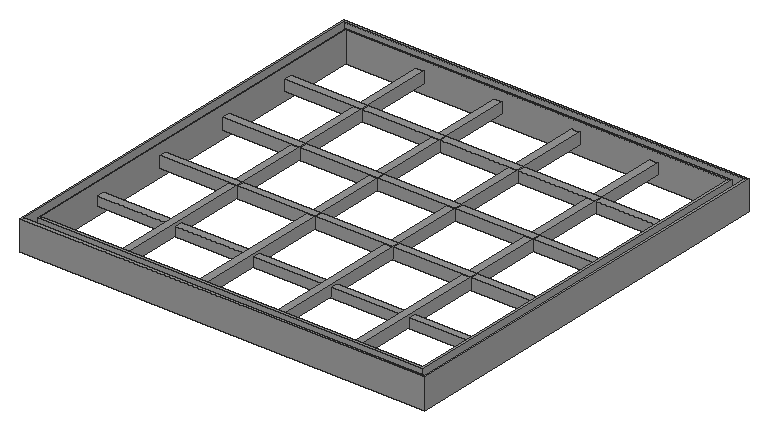
Revit family "CLD-WFD-007_WOODLITE_RFA", category Modelos genéricos, Revit 2022 (continued)
Forms (in)
  Extrusion 241, solid
    sketch origin (0, -21.5, 0) x (1, 0, 0) y (0, 1, 0)
      loop
        line (3.00014, 107.70001) -> (3.00014, 105.70001) -> (105.00014, 105.70001) -> (105.00014, 107.70001) -> (3.00014, 107.70001)
    from 2.5 to 5.5
  Extrusion 242, solid
    sketch origin (0, -47, 0) x (1, 0, 0) y (0, 1, 0)
      loop
        line (3.00014, 112.40001) -> (3.00014, 110.40001) -> (105.00014, 110.40001) -> (105.00014, 112.40001) -> (3.00014, 112.40001)
    from 2.5 to 5.5
  Extrusion 243, solid
    sketch origin (0, -51, 0) x (1, 0, 0) y (0, 1, 0)
      loop
        line (3.00014, 95.60001) -> (3.00014, 93.60003) -> (105.00014, 93.60003) -> (105.00014, 95.60001) -> (3.00014, 95.60001)
    from 2.5 to 5.5
  Extrusion 244, solid
    sketch origin (0, -76.5, 0) x (1, 0, 0) y (0, 1, 0)
      loop
        line (3.00014, 100.29999) -> (3.00014, 98.29999) -> (105.00014, 98.29999) -> (105.00014, 100.29999) -> (3.00014, 100.29999)
    from 2.5 to 5
  Extrusion 245, solid
    sketch origin (129.49993, 0, 0) x (0, 1, 0) y (-1, 0, 0)
      loop
        line (3, 107.69977) -> (3, 105.69977) -> (105, 105.69977) -> (105, 107.69977) -> (3, 107.69977)
    from 2.5 to 5.5
  Extrusion 246, solid
    sketch origin (154.99993, 0, 0) x (0, 1, 0) y (-1, 0, 0)
      loop
        line (3, 112.39991) -> (3, 110.39991) -> (105, 110.39991) -> (105, 112.39991) -> (3, 112.39991)
    from 2.5 to 5.5
  Extrusion 247, solid
    sketch origin (158.99993, 0, 0) x (0, 1, 0) y (-1, 0, 0)
      loop
        line (3, 95.59997) -> (3, 93.59997) -> (105, 93.59997) -> (105, 95.59997) -> (3, 95.59997)
    from 2.5 to 5.5
  Extrusion 248, solid
    sketch origin (184.49993, 0, 0) x (0, 1, 0) y (-1, 0, 0)
      loop
        line (3, 100.29994) -> (3, 98.29994) -> (105, 98.29994) -> (105, 100.29994) -> (3, 100.29994)
    from 2.5 to 5.5
Cuts and joins
  Extrusion 240 cuts Extrusion 239
Dimensions and locks (in)
  aligned and locked: level to plane 2
